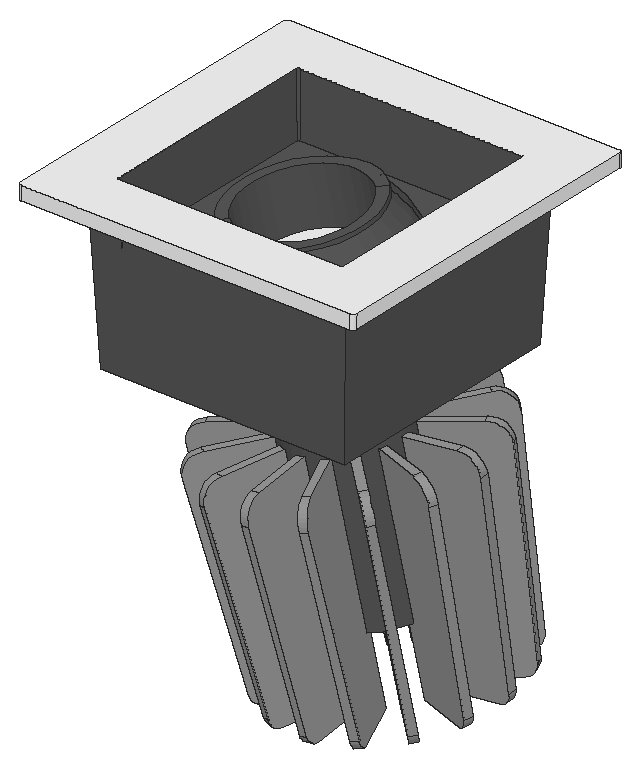
Revit family "2056238 Sylvania Lighting Fixture MYR ADJ SQ BLK 4K PHDIM SIL BEZ", category Lighting Fixtures, host Face, Revit 2016
Family settings
  Host = Face
  Part Type = Normal
  Round Connector Dimension = Use Diameter
  OmniClass Number = 23.80.70.00
  OmniClass Title = Lighting
  Cut with Voids When Loaded = Yes
  Light Source = No
  Shared = No
  Room Calculation Point = No
Parameters (values of type "2056238 MYR ADJ SQ BLK 4K PHDIM SIL BEZ")
  WidthCutOut_SYL = 72 mm
  Width_SYL = 86 mm
  WidthBezel_SYL = 7 mm
  Weight = "0.38 kg"
  Wattage Comments = "n/a"
  WarrantyStartDate [instance] = "n/a"
  WarrantyGuarantorParts = "n/a"
  WarrantyDurationUnit = "n/a"
  WarrantyDurationParts = "n/a"
  WarrantyDescription = "n/a"
  Voltage = 0 V
  VerticalTiltStart_FEILO [instance] = VerticalTilt_FEILO + 90.00°  # 135.00°
  VerticalTilt_FEILO [instance] = 45.00°
  URL = "http://www.sylvania-lighting.com"
  TypeName = "MYR ADJ SQ BLK 4K PHDIM SIL BEZ"
  TypeLamp_SYL = Myriad Adjustable Square Lamp : 2056238 MYR ADJ SQ BLK 4K PHDIM SIL BEZ
  Type Image = <None>
  Type Comments = "n/a"
  SphereRadius_FEILO = 31 mm
  SerialNumber [instance] = "n/a"
  Material_3_SYL = none
  PowerFactor = 0
  PowerConsumption = "10 W"
  NominalLength = 0 mm
  NominalHeight = 115 mm
  NominalDepth = 76 mm
  Name = "MYR ADJ SQ BLK 4K PHDIM SIL BEZ"
  ModelReference = Name  # "MYR ADJ SQ BLK 4K PHDIM SIL BEZ"
  ModelNumber = "2056238"
  Model = Name  # "MYR ADJ SQ BLK 4K PHDIM SIL BEZ"
  Material = "polycarbonate housing"
  ManufacturerName = "Feilo Sylvania"
  Manufacturer = "Feilo Sylvania"
  LuminousEfficacy = "68 lm/W"
  LuminaireType = ""
  LightOutputRatio = "100"
  LampsType = Lamp  # "LED"
  LampNominalLuminous = "684 lm"
  LampMacAdamStep = "n/a"
  LampColourTemperature = "4000 K"
  LampColourRenderingIndex = "85"
  Lamp = "LED"
  Keynote = "16500"
  InstallationDate [instance] = "n/a"
  InputVoltage = "n/a"
  InputNominalFrequency = "n/a"
  IngressProtection = "IP20"
  ImpactProtectionIndex = "IK02"
  IfcExportType = "IfcLightFixtureType"
  IfcExportAs = "IfcLightFixtureType"
  HorizontalTilt_FEILO [instance] = 10.00°
  HeightVoid_SYL = 16 mm
  HeightTop_SYL = 40 mm
  HeightBezel_SYL = 3.5 mm
  ExpectedLife = 50000
  ElectricShockClassification = "Class II"
  DurationUnit = "hours"
  DraftIn_SYL = tan(DraftAngle_SYL) * HeightVoid_SYL  # 0.699 mm
  DraftOut_SYL = tan(DraftAngle_SYL) * HeightTop_SYL  # 1.746 mm
  DraftAngle_SYL = 2.50°
  DocumentationLiterature = "http://www.sylvania-lighting.com/product/en-int/products/2056238"
  DimmingControlOptions = "n/a"
  Material_2_SYL = none
  Description = "MYR ADJ SQ BLK 4K PHDIM SIL BEZ"
  Default Elevation = 1219.2 mm
  CreatedOn = "9/11/2018"
  CreatedBy = "@sylvania-lighting.com"
  Cost = 0
  built-in parameter 1114216 [instance] = (empty or 0)
  ClassificationValue = "EF_70_80"
  ClassificationName = "Uniclass2015"
  Material_1_SYL = Body-Sylvania-MyriadAdjustableRound-Black
  BarCode [instance] = "n/a"
  AssetType = "Fixed"
  AssetIdentifier [instance] = "n/a"
  Assembly Code = "D5020200"
  Apparent Load = 10 VA
  Material_4_SYL = Body-Sylvania-MyriadAdjustableRound-Silver
Reference planes
  plane 1 "Center (Front/Back)": y = 0
  plane 2: z = 0
  plane 3 "Center (Left/Right)": x = 0
  plane 4: z = 3.5
  plane 5: z = -12.5
  plane 6: z = -24.5
  plane 7: x = -36
  plane 8: x = 36
  plane 9: x = -43
  plane 10: x = 43
  plane 11: x = -33
  plane 12: x = -31.254
  plane 13: x = 33
  plane 14: x = 31.254
  plane 15: y = 43
  plane 16: y = -43
  plane 17: y = 36
  plane 18: y = -36
  plane 19: y = -33
  plane 20: y = 33
  plane 21: y = 31.254
  plane 22: y = -31.254
  plane 23: z = -40
  plane 24: z = -130
  plane 25: y = 29
  plane 26: x = -29
  plane 27: x = 29
  plane 28: y = -29
  plane 29: x = -28.301
  plane 30: y = 28.301
  plane 31: x = 28.301
  plane 32: y = -28.301
  plane 33: x = -42.5
  plane 34: z = 3
Forms (mm)
  Revolve 1, solid, not visible
    sketch origin (0, 0, 0) x (1, 0, 0) y (0, 0, 1)
      loop
        line (0, -24.5) -> (2.4, -24.5) -> (2.4, -12.5) -> (0, -12.5) -> (0, -24.5)
      axis (0, -12.5) -> (0, -24.5)
    angle from 135 <- "VerticalTiltStart_FEILO" to 45 <- "VerticalTilt_FEILO"
  Extrusion 2, void
    sketch origin (0, 0, 0) x (1, 0, 0) y (0, 1, 0)
      loop
        line (-36, 36) -> (-36, -36) -> (36, -36) -> (36, 36) -> (-36, 36)
    from 0 to -130
  Extrusion 3, solid, material "Body-Sylvania-MyriadAdjustableRound-Black" <- "Material_1_SYL"
    sketch origin (0, 0, 0) x (1, 0, 0) y (0, 1, 0)
      loop
        arc (-42, 43) -> (-42.707, 42.707) -> (-43, 42) r 1
        line (-43, 42) -> (-43, -42)
        arc (-43, -42) -> (-42.707, -42.707) -> (-42, -43) r 1
        line (-42, -43) -> (42, -43)
        arc (42, -43) -> (42.707, -42.707) -> (43, -42) r 1
        line (43, -42) -> (43, 42)
        arc (43, 42) -> (42.707, 42.707) -> (42, 43) r 1
        line (42, 43) -> (-42, 43)
    from 0 to 3.5
  Blend 4, solid, material "Body-Sylvania-MyriadAdjustableRound-Black" <- "Material_1_SYL"
    base sketch origin (0, 0, 0) x (1, 0, 0) y (0, 1, 0)
      loop
        line (-33, 33) -> (-33, -33) -> (33, -33) -> (33, 33) -> (-33, 33)
    top sketch origin (0, 0, 0) x (1, 0, 0) y (0, 1, 0)
      loop
        line (-31.254, 31.254) -> (-31.254, -31.254) -> (31.254, -31.254) -> (31.254, 31.254) -> (-31.254, 31.254)
    from 0 to -40
  Blend 5, void
    base sketch origin (1223.4, -4572, 3.5) x (-1, 0, 0) y (0, -1, 0)
      loop
        arc (1251.727, -4601) -> (1252.203, -4600.803) -> (1252.4, -4600.327) r 0.673
        line (1252.4, -4600.327) -> (1252.4, -4543.673)
        arc (1252.4, -4543.673) -> (1252.203, -4543.197) -> (1251.727, -4543) r 0.673
        line (1251.727, -4543) -> (1195.073, -4543)
        arc (1195.073, -4543) -> (1194.597, -4543.197) -> (1194.4, -4543.673) r 0.673
        line (1194.4, -4543.673) -> (1194.4, -4600.327)
        arc (1194.4, -4600.327) -> (1194.597, -4600.803) -> (1195.073, -4601) r 0.673
        line (1195.073, -4601) -> (1251.727, -4601)
    top sketch origin (1223.4, -4572, 3.5) x (-1, 0, 0) y (0, -1, 0)
      loop
        arc (1251.201, -4600.301) -> (1251.555, -4600.155) -> (1251.701, -4599.801) r 0.5
        line (1251.701, -4599.801) -> (1251.701, -4544.199)
        arc (1251.701, -4544.199) -> (1251.555, -4543.845) -> (1251.201, -4543.699) r 0.5
        line (1251.201, -4543.699) -> (1195.638, -4543.699)
        arc (1195.638, -4543.699) -> (1195.257, -4543.857) -> (1195.099, -4544.238) r 0.539
        line (1195.099, -4544.238) -> (1195.099, -4599.801)
        arc (1195.099, -4599.801) -> (1195.245, -4600.155) -> (1195.599, -4600.301) r 0.5
        line (1195.599, -4600.301) -> (1251.201, -4600.301)
    from 0 to -16
  Revolve 6, void
    sketch origin (0, 0, 0) x (1, 0, 0) y (0, 0, 1)
      loop
        arc (0, 5.853) -> (-24.7, -24.5) -> (0, -54.853) r 31
        line (0, -54.853) -> (0, 5.853)
      axis (0, 5.853) -> (0, -54.853)
    angle from 360 to 0
Cuts and joins
  Blend 5 cuts Extrusion 3
  Blend 5, Revolve 6 cuts Blend 4
  joined: Extrusion 3, Blend 4
Lines and regions (mm)
  reference lines
    curve 1: circle (6.3, 0, -24.5) r 31 normal (0, -1, 0)
Dimensions and locks
  "HeightBezel_SYL": plane 4 to plane 2
  locked: plane 5 to plane 6 at 12
  equal spacing: plane 9, plane 3 "Center (Left/Right)", plane 10
  equal spacing: plane 16, plane 1 "Center (Front/Back)", plane 15
  "Width_SYL": plane 16 to plane 15
  "Width_SYL": plane 9 to plane 10
  equal spacing: plane 7, plane 3 "Center (Left/Right)", plane 8
  "WidthCutOut_SYL": plane 7 to plane 8
  equal spacing: plane 18, plane 1 "Center (Front/Back)", plane 17
  "WidthCutOut_SYL": plane 18 to plane 17
  equal spacing: plane 11, plane 3 "Center (Left/Right)", plane 13
  equal spacing: plane 19, plane 1 "Center (Front/Back)", plane 20
  locked: plane 18 to plane 19 at 3
  locked: plane 7 to plane 11 at 3
  equal spacing: plane 12, plane 3 "Center (Left/Right)", plane 14
  "DraftOut_SYL": plane 11 to plane 12
  equal spacing: plane 22, plane 1 "Center (Front/Back)", plane 21
  "DraftOut_SYL": plane 19 to plane 22
  "HeightTop_SYL": plane 2 to plane 23
  locked: plane 2 to plane 24 at 130
  equal spacing: plane 26, plane 3 "Center (Left/Right)", plane 27
  equal spacing: plane 28, plane 1 "Center (Front/Back)", plane 25
  "WidthBezel_SYL": plane 25 to plane 17
  "WidthBezel_SYL": plane 7 to plane 26
  equal spacing: plane 29, plane 3 "Center (Left/Right)", plane 31
  "DraftIn_SYL": plane 26 to plane 29
  equal spacing: plane 32, plane 1 "Center (Front/Back)", plane 30
  "DraftIn_SYL": plane 28 to plane 32
  "HeightVoid_SYL": plane 4 to plane 5
  locked: plane 33 to plane 9 at 0.5
  locked: plane 4 to plane 34 at 0.5
  curve 1 to plane 3 "Center (Left/Right)" = 6.3 mm
  "SphereRadius_FEILO": radius of curve 1
  aligned and locked: plane 2 to host face
  aligned and locked: level to host face
  aligned and locked: plane 6 to Revolve 1 sketch curve
  aligned and locked: Revolve 1 sketch curve to plane 3 "Center (Left/Right)"  (x2)
  aligned and locked: Revolve 1 sketch curve to plane 5
  aligned and locked: plane 17 to Extrusion 2 sketch curve
  aligned and locked: Extrusion 2 sketch curve to plane 18
  aligned and locked: Extrusion 2 sketch curve to plane 8
  aligned and locked: plane 7 to Extrusion 2 sketch curve
  aligned and locked: plane 24 to Extrusion 2
  aligned and locked: level to Extrusion 2
  aligned and locked: plane 15 to Extrusion 3 sketch curve
  aligned and locked: plane 9 to Extrusion 3 sketch curve
  aligned and locked: Extrusion 3 sketch curve to plane 16
  aligned and locked: Extrusion 3 sketch curve to plane 10
  aligned and locked: Extrusion 3 to plane 4
  aligned and locked: Extrusion 3 to level
  aligned and locked: plane 20 to Blend 4 sketch curve
  aligned and locked: Blend 4 sketch curve to plane 19
  aligned and locked: Blend 4 sketch curve to plane 13
  aligned and locked: plane 11 to Blend 4 sketch curve
  aligned and locked: plane 21 to Blend 4 sketch curve
  aligned and locked: plane 12 to Blend 4 sketch curve
  aligned and locked: Blend 4 sketch curve to plane 22
  aligned and locked: Blend 4 sketch curve to plane 14
  aligned and locked: plane 23 to Blend 4
  aligned and locked: level to Blend 4
  aligned and locked: nested 1 to plane 6
  aligned and locked: plane 25 to Blend 5 sketch curve
  aligned and locked: plane 26 to Blend 5 sketch curve
  aligned and locked: Blend 5 sketch curve to plane 28
  aligned and locked: Blend 5 sketch curve to plane 27
  aligned and locked: plane 30 to Blend 5 sketch curve
  aligned and locked: plane 29 to Blend 5 sketch curve
  aligned and locked: Blend 5 sketch curve to plane 32
  aligned and locked: Blend 5 sketch curve to plane 31
  aligned and locked: plane 5 to Blend 5
  aligned and locked: Blend 5 to plane 4
  aligned and locked: plane 6 to curve 1
  aligned and locked: Revolve 6 sketch curve to plane 3 "Center (Left/Right)"
Automatic sketch dimensions
  host sketch curve to host sketch curve = 2438.4 mm  (x2)
  Revolve 1 sketch curve to plane 4 = 2605.558 mm
  plane 3 "Center (Left/Right)" to Revolve 1 sketch curve = 2.4 mm
  plane 6 to Revolve 1 sketch curve = 577.6 mm
  plane 9 to Extrusion 3 sketch curve = 1 mm
  Extrusion 3 sketch curve to Extrusion 3 sketch curve = 1 mm
  Extrusion 3 sketch curve to plane 10 = 1 mm  (x2)
  plane 31 to Blend 5 sketch curve = 0.026 mm  (x2)
  Blend 5 sketch curve to plane 29 = 0.026 mm  (x2)
  Blend 5 sketch curve to Blend 5 sketch curve = 0.5 mm
  Blend 5 sketch curve to Blend 5 sketch curve = 0.539 mm
  plane 29 to Blend 5 sketch curve = 0.5 mm  (x2)
  plane 24 to Revolve 6 sketch curve = 479.6 mm
  Revolve 6 sketch curve to plane 4 = 2605.558 mm
  Revolve 6 sketch curve to plane 3 "Center (Left/Right)" = 0 mm
  Revolve 6 sketch curve to plane 6 = 0 mm
  plane 3 "Center (Left/Right)" to Revolve 6 sketch curve = 6.3 mm
  Revolve 6 sketch curve to plane 4 = 2.353 mm
Nested families
  nested 1: "Myriad Adjustable Square Rotation Feature" at (-0.473, 0.473, -24.5) x (-0.7071, 0.7071, 0) z (-0.7071, -0.7071, 0), HorizontalAxis <- "HorizontalTilt_FEILO", type "Myriad Adjustable Square Rotation Feature"
    with HorizontalAxis 10.00°, EndAngle 100.00°
  nested 2: "Myriad Adjustable Square Lamp" at (0, 0, -24.5) x (0.6964, 0.6964, 0.1736) z (0.1228, 0.1228, -0.9848), type <- "TypeLamp_SYL", type "2056238 MYR ADJ SQ BLK 4K PHDIM SIL BEZ"
Connectors
  electrical at (0, 0, 0), driven by "Apparent Load", driven by "PowerFactor", driven by "Voltage"
    settings: index 1, voltage 0 V, apparent load 10 VA, apparent load phase1 0 VA, apparent load phase2 0 VA, apparent load phase3 0 VA, power factor 0, load classification "Lighting", number of poles 1, system type 30, power factor state 1, is connector primary yes, connector utility no, sub classification motor no, connector description ""
Definition of nested family "Myriad Adjustable Square Rotation Feature"
  Parameters (values of type "Myriad Adjustable Square Rotation Feature")
    URL = "http://www.sylvania-lighting.com"
    Type Comments = "n/a"
    Model = "n/a"
    Manufacturer = "Feilo Sylvania"
    Keynote = "n/a"
    HorizontalAxis [instance] = 0.00°
    EndAngle [instance] = HorizontalAxis + 90.00°  # 90.00°
    Description = "n/a"
    Default Elevation = 1219.2 mm
    Cost = 0
    Assembly Code = "n/a"
  Reference planes
    plane 1 "Center (Front/Back)": y = 0
    plane 2: z = 0
    plane 3 "Center (Left/Right)": x = 0
    plane 4: z = 10
    plane 5: x = -10
    plane 6: x = 10
  Forms (mm)
    Extrusion 1, solid
      sketch origin (-0.8, 0, 0) x (1, 0, 0) y (0, 1, 0)
        loop
          line (-1219.2, 1219.2) -> (-1219.2, -1219.2) -> (1219.2, -1219.2) -> (1219.2, 1219.2) -> (-1219.2, 1219.2)
      from 0 to -304.8
    Revolve 2, solid
      sketch origin (0, 0, 0) x (1, 0, 0) y (0, 0, 1)
        loop
          line (-10, 10) -> (-10, 0) -> (10, 0) -> (10, 10) -> (-10, 10)
        axis (-10, 0) -> (10, 0)
      angle from 0 <- "HorizontalAxis" to 90 <- "EndAngle"
  Dimensions and locks
    plane 4 to plane 2 = 10 mm
    aligned and locked: plane 2 to Extrusion 1
    aligned and locked: level to Extrusion 1
    aligned and locked: Revolve 2 sketch curve to plane 4
    aligned and locked: plane 5 to Revolve 2 sketch curve
    aligned and locked: Extrusion 1 to Revolve 2 sketch curve
    aligned and locked: Revolve 2 sketch curve to plane 2
    aligned and locked: Revolve 2 sketch curve to plane 6
Definition of nested family "Myriad Adjustable Square Lamp"
  Parameters (values of type "2058044 MYSQ AD BLK 2.7K DALI SIL BZ")
    Wattage = 10 W
    built-in parameter 1150110 = 1 (stored number, unit not read)
    URL = "http://www.sylvania-lighting.com"
    Type Comments = "n/a"
    built-in parameter 1114217 = 1 (stored number, unit not read)
    Tilt Angle = 90.00°
    built-in parameter 1150109 = 1 (stored number, unit not read)
    built-in parameter 1150134 = (empty or 0)
    built-in parameter 1150113 = 1 (stored number, unit not read)
    SphereRadius_SYL = 31 mm
    RimHeight_SYL = 1 mm
    Material_3_SYL = none
    Photometric Web File = "2058044.ies"
    Model = "MYSQ AD BLK 2.7K DALI SIL BZ"
    Manufacturer = "Feilo Sylvania"
    built-in parameter 1150105 = 54.113 (stored number, unit not read)
    Lumens = 680 lm
    built-in parameter 1150115 = 1 (stored number, unit not read)
    built-in parameter 1150137 = (empty or 0)
    built-in parameter 1150139 = (empty or 0)
    built-in parameter 1150112 = 1 (stored number, unit not read)
    built-in parameter 1150114 = 1 (stored number, unit not read)
    Lamp = "LED"
    Keynote = "16500"
    built-in parameter 1150132 = (empty or 0)
    built-in parameter 1150102 = (empty or 0)
    built-in parameter 1150107 = 2700 (stored number, unit not read)
    built-in parameter 1150138 = (empty or 0)
    built-in parameter 1150106 = 0.54113 (stored number, unit not read)
    Emit from Circle Diameter = 30 mm
    Emit Shape Visible in Rendering = no
    built-in parameter 1150104 = 6.3174 (stored number, unit not read)
    Dimming Lamp Color Temperature Shift = (empty or 0)
    Material_2_SYL = none
    Description = "Myriad Adjustable Square 2700K DALI black interior with silver bezel"
    Default Elevation = 1219.2 mm
    Cost = 0
    Color Filter = 16777215
    Material_1_SYL = none
    built-in parameter 1114218 = 1 (stored number, unit not read)
    built-in parameter 1150133 = 10 (stored number, unit not read)
    Assembly Code = "D5020200"
    Material_4_SYL = none
    Apparent Load = 10 VA
  Types (24, lengths in mm): name | built-in parameter 1150134 | Photometric Web File | Model | built-in parameter 1150105 | Lumens | built-in parameter 1150107 | built-in parameter 1150106 | built-in parameter 1150104 | Description
    2058044 MYSQ AD BLK 2.7K DALI SIL BZ | (empty or 0) | "2058044.ies" | "MYSQ AD BLK 2.7K DALI SIL BZ" | 54.113 (stored number, unit not read) | 680 lm | 2700 (stored number, unit not read) | 0.54113 (stored number, unit not read) | 6.3174 (stored number, unit not read) | "Myriad Adjustable Square 2700K DALI black interior with silver bezel"
    2058043 MYSQ AD BLK 2.7K PHDIM SIL BZ | (empty or 0) | "2058043.ies" | "MYSQ AD BLK 2.7K PHDIM SIL BZ" | 54.113 (stored number, unit not read) | 680 lm | 2700 (stored number, unit not read) | 0.54113 (stored number, unit not read) | 6.3174 (stored number, unit not read) | "Myriad Adjustable Square 2700K Phase dimmable black interior with silver bezel"
    2058042 MYSQ AD BLK 2.7K DALI WHT BZ | (empty or 0) | "2058042.ies" | "MYSQ AD BLK 2.7K DALI WHT BZ" | 54.113 (stored number, unit not read) | 680 lm | 2700 (stored number, unit not read) | 0.54113 (stored number, unit not read) | 6.3174 (stored number, unit not read) | "Myriad Adjustable Square 2700K DALI black interior with white bezel"
    2058041 MYSQ AD BLK 2.7K PHDIM WHT BZ | (empty or 0) | "2058041.ies" | "MYSQ AD BLK 2.7K PHDIM WHT BZ" | 45.359 (stored number, unit not read) | 570 lm | 2700 (stored number, unit not read) | 0.45359 (stored number, unit not read) | 5.2955 (stored number, unit not read) | "Myriad Adjustable Square 2700K Phase dimmable black interior with white bezel"
    2058040 MYSQ AD WHT 2.7K DALI SIL BZ | (empty or 0) | "2058040.ies" | "MYSQ AD WHT 2.7K DALI SIL BZ" | 45.359 (stored number, unit not read) | 570 lm | 2700 (stored number, unit not read) | 0.45359 (stored number, unit not read) | 5.2955 (stored number, unit not read) | "Myriad Adjustable Square 2700K DALI White interior with silver bezel."
    2058039 MYSQ AD WHT 2.7K PHDIM SIL BZ | (empty or 0) | "2058039.ies" | "MYSQ AD WHT 2.7K PHDIM SIL BZ" | 54.113 (stored number, unit not read) | 680 lm | 2700 (stored number, unit not read) | 0.54113 (stored number, unit not read) | 6.3174 (stored number, unit not read) | "MYSQ AD WHT 2.7K PHDIM SIL BZ"
    2058038 MYSQ AD WHT 2.7K DALI WHT BZ | (empty or 0) | "2058038.ies" | "MYSQ AD WHT 2.7K DALI WHT BZ" | 54.113 (stored number, unit not read) | 680 lm | 2700 (stored number, unit not read) | 0.54113 (stored number, unit not read) | 6.3174 (stored number, unit not read) | "MYSQ AD WHT 2.7K DALI WHT BZ"
    2058037 MYSQ AD WHT 2.7K PHDIM WHT BZ | (empty or 0) | "2058037.ies" | "MYSQ AD WHT 2.7K PHDIM WHT BZ" | 54.113 (stored number, unit not read) | 680 lm | 2700 (stored number, unit not read) | 0.54113 (stored number, unit not read) | 6.3174 (stored number, unit not read) | "Myriad Adjustable SQ White 2,7K Phase dim White Bezel"
    2056239 MYD ADJ SQ BLK 4K DALI SIL BEZ | 12 | "2056239.ies" | "MYD ADJ SQ BLK 4K DALI SIL BEZ" | 54.113 (stored number, unit not read) | 680 lm | 4000 (stored number, unit not read) | 0.54113 (stored number, unit not read) | 6.3174 (stored number, unit not read) | "MYD ADJ SQ BLK 4K DALI SIL BEZ"
    2056238 MYR ADJ SQ BLK 4K PHDIM SIL BEZ | 12 | "2056238.ies" | "MYR ADJ SQ BLK 4K PHDIM SIL BEZ" | 54.113 (stored number, unit not read) | 680 lm | 4000 (stored number, unit not read) | 0.54113 (stored number, unit not read) | 6.3174 (stored number, unit not read) | "MYR ADJ SQ BLK 4K PHDIM SIL BEZ"
    2056237 MYD ADJ SQ BLK 4K DALI WHT BEZ | 12 | "2056237.ies" | "MYD ADJ SQ BLK 4K DALI WHT BEZ" | 54.113 (stored number, unit not read) | 680 lm | 4000 (stored number, unit not read) | 0.54113 (stored number, unit not read) | 6.3174 (stored number, unit not read) | "MYD ADJ SQ BLK 4K DALI WHT BEZ"
    2056236 MYD ADJ SQ BLK 4K PHDIM WHT BEZ | 12 | "2056236.ies" | "MYD ADJ SQ BLK 4K PHDIM WHT BEZ" | 54.113 (stored number, unit not read) | 680 lm | 4000 (stored number, unit not read) | 0.54113 (stored number, unit not read) | 6.3174 (stored number, unit not read) | "MYD ADJ SQ BLK 4K PHDIM WHT BEZ"
    2056235 MYD ADJ SQ BLK 3K DALI SIL BEZ | (empty or 0) | "2056235.ies" | "MYD ADJ SQ BLK 3K DALI SIL BEZ" | 55.704 (stored number, unit not read) | 700 lm | 3000 (stored number, unit not read) | 0.55704 (stored number, unit not read) | 6.5032 (stored number, unit not read) | "MYD ADJ SQ BLK 3K DALI SIL BEZ"
    2056234 MYD ADJ SQ BLK 3K PHDIM SILBEZ | (empty or 0) | "2056234.ies" | "MYD ADJ SQ BLK 3K PHDIM SILBEZ" | 55.704 (stored number, unit not read) | 700 lm | 3000 (stored number, unit not read) | 0.55704 (stored number, unit not read) | 6.5032 (stored number, unit not read) | "MYD ADJ SQ BLK 3K PHDIM SILBEZ"
    2056233 MYD ADJ SQ BLK 3K DALI WHT BEZ | (empty or 0) | "2056233.ies" | "MYD ADJ SQ BLK 3K DALI WHT BEZ" | 55.704 (stored number, unit not read) | 700 lm | 3000 (stored number, unit not read) | 0.55704 (stored number, unit not read) | 6.5032 (stored number, unit not read) | "MYD ADJ SQ BLK 3K DALI WHT BEZ"
    2056232 MYD ADJ SQ BLK 3K PHDIM WHT BEZ | (empty or 0) | "2056232.ies" | "MYD ADJ SQ BLK 3K PHDIM WHT BEZ" | 55.704 (stored number, unit not read) | 700 lm | 3000 (stored number, unit not read) | 0.55704 (stored number, unit not read) | 6.5032 (stored number, unit not read) | "MYD ADJ SQ BLK 3K PHDIM WHT BEZ"
    2056231 MYD ADJ SQ WHT 4K DALI SIL BEZ | 12 | "2056231.ies" | "MYD ADJ SQ WHT 4K DALI SIL BEZ" | 54.113 (stored number, unit not read) | 680 lm | 4000 (stored number, unit not read) | 0.54113 (stored number, unit not read) | 6.3174 (stored number, unit not read) | "MYD ADJ SQ WHT 4K DALI SIL BEZ"
    2056230 MYD ADJ SQ WHT 4K PHDIM SIL BEZ | 12 | "2056230.ies" | "MYD ADJ SQ WHT 4K PHDIM SIL BEZ" | 54.113 (stored number, unit not read) | 680 lm | 4000 (stored number, unit not read) | 0.54113 (stored number, unit not read) | 6.3174 (stored number, unit not read) | "Myriad Adjustable Square 4000K phase dimmable white with silver bezel"
    2056229 MYD ADJ SQ WHT 4K DALI WHT BEZ | 12 | "2056229.ies" | "MYD ADJ SQ WHT 4K DALI WHT BEZ" | 54.113 (stored number, unit not read) | 680 lm | 4000 (stored number, unit not read) | 0.54113 (stored number, unit not read) | 6.3174 (stored number, unit not read) | "MYD ADJ SQ WHT 4K DALI WHT BEZ"
    2056228 MYD ADJ SQ WHT 4K PHDIM WHT BEZ | 12 | "2056228.ies" | "MYD ADJ SQ WHT 4K PHDIM WHT BEZ" | 54.113 (stored number, unit not read) | 680 lm | 4000 (stored number, unit not read) | 0.54113 (stored number, unit not read) | 6.3174 (stored number, unit not read) | "MYD ADJ SQ WHT 4K PHDIM WHT BEZ"
    2056227 MYD ADJ SQ WHT 3K DALI SIL BEZ | (empty or 0) | "2056227.ies" | "MYD ADJ SQ WHT 3K DALI SIL BEZ" | 55.704 (stored number, unit not read) | 700 lm | 3000 (stored number, unit not read) | 0.55704 (stored number, unit not read) | 6.5032 (stored number, unit not read) | "MYD ADJ SQ WHT 3K DALI SIL BEZ"
    2056226 MYD ADJ SQ WHT 3K PHDIM SIL BEZ | (empty or 0) | "2056226.ies" | "MYD ADJ SQ WHT 3K PHDIM SIL BEZ" | 55.704 (stored number, unit not read) | 700 lm | 3000 (stored number, unit not read) | 0.55704 (stored number, unit not read) | 6.5032 (stored number, unit not read) | "MYD ADJ SQ WHT 3K PHDIM SIL BEZ"
    2056225 MYD ADJ SQ WHT 3K DALI WHT BEZ | (empty or 0) | "2056225.ies" | "MYD ADJ SQ WHT 3K DALI WHT BEZ" | 55.704 (stored number, unit not read) | 700 lm | 3000 (stored number, unit not read) | 0.55704 (stored number, unit not read) | 6.5032 (stored number, unit not read) | "MYD ADJ SQ WHT 3K DALI WHT BEZ"
    2056224 MYD ADJ SQ WHT 3K PHDIM WHT BEZ | (empty or 0) | "2056224.ies" | "MYD ADJ SQ WHT 3K PHDIM WHT BEZ" | 55.704 (stored number, unit not read) | 700 lm | 3000 (stored number, unit not read) | 0.55704 (stored number, unit not read) | 6.5032 (stored number, unit not read) | "MYD ADJ SQ WHT 3K PHDIM WHT BEZ"
  Reference planes
    plane 1 "Center (Front/Back)": y = 0
    plane 2: z = 0
    plane 3 "Center (Left/Right)": x = 0
    plane 4: x = -35
    plane 5: x = -12
    plane 6: x = -15
    plane 7: x = -25
    plane 8: x = -17.8
    plane 9: z = -19.5
    plane 10: z = 19.5
    plane 11: z = 30.5
    plane 12: z = 71.5
    plane 13: z = 90.5
    plane 14: z = 0
    plane 15: z = -5.5
    plane 16: x = -30
    plane 17: z = -20.5
  Forms (mm)
    Extrusion 1, solid
      sketch origin (-0.8, 0, 0) x (1, 0, 0) y (0, 1, 0)
        loop
          line (-1219.2, 1219.2) -> (-1219.2, -1219.2) -> (1219.2, -1219.2) -> (1219.2, 1219.2) -> (-1219.2, 1219.2)
      from 0 to -304.8
    Revolve 2, solid, material <- "Material_1_SYL"
      sketch origin (0, 0, 0) x (1, 0, 0) y (0, 0, 1)
        loop
          line (-15, -20.5) -> (-15, -5.5) -> (0, -5.5) -> (0, 30.5) -> (-12, 30.5) -> (-12, 71.5) -> (-15, 71.5) -> (-15, 19.5) -> (-17.8, 19.5)
          arc (-17.8, 19.5) -> (-24.701, 0) -> (-17.8, -19.5) r 31
          line (-17.8, -19.5) -> (-17.8, -20.5) -> (-15, -20.5)
        axis (0, 71.5) -> (0, -20.5)
      angle from 0 to 360
    Revolve 3, solid, material <- "Material_1_SYL", detail levels coarse+medium
      sketch origin (0, 0, 0) x (1, 0, 0) y (0, 0, 1)
        loop
          line (0, 30.5) -> (0, 90.5) -> (-30, 90.5) -> (-35, 30.5) -> (0, 30.5)
        axis (0, 90.5) -> (0, 30.5)
      angle from 0 to 360
  Lines and regions (mm)
    reference lines
      curve 1: line (0, 0, 0) -> (-32.336, 13.394, 0)
      curve 2: circle (0, 0, 0) r 35 normal (0, 0, 1)
      curve 3: line (0, 0, 0) -> (-24.749, 24.749, 0)
      curve 4: line (0, 0, 0) -> (-13.394, 32.336, 0)
      curve 5: line (0, 0, 0) -> (13.394, 32.336, 0)
      curve 6: line (0, 0, 0) -> (24.749, 24.749, 0)
      curve 7: line (0, 0, 0) -> (32.336, 13.394, 0)
      curve 8: line (0, 0, 0) -> (32.336, -13.394, 0)
      curve 9: line (0, 0, 0) -> (24.749, -24.749, 0)
      curve 10: line (0, 0, 0) -> (13.394, -32.336, 0)
      curve 11: line (0, 0, 0) -> (-13.394, -32.336, 0)
      curve 12: line (0, 0, 0) -> (-24.749, -24.749, 0)
      curve 13: line (0, 0, 0) -> (-32.336, -13.394, 0)
  Dimensions and locks
    locked: plane 3 "Center (Left/Right)" to plane 4 at 35
    locked: plane 3 "Center (Left/Right)" to plane 5 at 12
    locked: plane 3 "Center (Left/Right)" to plane 6 at 15
    locked: plane 3 "Center (Left/Right)" to plane 7 at 25
    locked: plane 3 "Center (Left/Right)" to plane 8 at 17.8
    equal spacing: plane 10, plane 14, plane 9
    locked: plane 3 "Center (Left/Right)" to plane 16 at 30
    "RimHeight_SYL": plane 9 to plane 17
    locked: plane 15 to plane 17 at 15
    locked: plane 10 to plane 17 at 40
    locked: plane 11 to plane 17 at 51
    locked: plane 12 to plane 17 at 92
    locked: plane 13 to plane 17 at 111
    radius of curve 2 = 35 mm
    "SphereRadius_SYL": radius of Revolve 2 sketch curve
    angle curve 3 to plane 1 "Center (Front/Back)" = 45.00°
    angle curve 4 to plane 1 "Center (Front/Back)" = 67.50°
    angle plane 1 "Center (Front/Back)" to curve 5 = 67.50°
    angle plane 1 "Center (Front/Back)" to curve 6 = 45.00°
    angle plane 1 "Center (Front/Back)" to curve 7 = 22.50°
    angle curve 8 to plane 1 "Center (Front/Back)" = 22.50°
    angle curve 9 to plane 1 "Center (Front/Back)" = 45.00°
    angle curve 10 to plane 1 "Center (Front/Back)" = 67.50°
    angle curve 11 to plane 3 "Center (Left/Right)" = 22.50°
    angle curve 12 to plane 3 "Center (Left/Right)" = 45.00°
    angle curve 13 to plane 3 "Center (Left/Right)" = 67.50°
    aligned and locked: plane 2 to Extrusion 1
    aligned and locked: level to Extrusion 1
    aligned and locked: Revolve 2 sketch curve to plane 3 "Center (Left/Right)"  (x2)
    aligned and locked: plane 8 to Revolve 2 sketch curve  (x2)
    aligned and locked: plane 10 to Revolve 2 sketch curve
    aligned and locked: plane 6 to Revolve 2 sketch curve  (x2)
    aligned and locked: plane 12 to Revolve 2 sketch curve
    aligned and locked: Revolve 2 sketch curve to plane 5
    aligned and locked: plane 3 "Center (Left/Right)" to Revolve 2 sketch curve
    aligned and locked: plane 11 to Revolve 2 sketch curve
    aligned and locked: plane 3 "Center (Left/Right)" to curve 1
    aligned and locked: plane 3 "Center (Left/Right)" to curve 2
    aligned and locked: Revolve 3 sketch curve to plane 3 "Center (Left/Right)"
    aligned and locked: plane 13 to Revolve 3 sketch curve
    aligned and locked: plane 14 to level
    aligned and locked: plane 17 to Revolve 2 sketch curve
    aligned and locked: plane 15 to Revolve 2 sketch curve
    aligned and locked: imposter light to plane 1 "Center (Front/Back)"
    aligned and locked: plane 3 "Center (Left/Right)" to imposter light
    aligned and locked: plane 1 "Center (Front/Back)" to nested 1
    aligned and locked: plane 3 "Center (Left/Right)" to nested 1
    aligned and locked: imposter light to plane 15
  Automatic sketch dimensions
    Extrusion 1 sketch curve to Extrusion 1 sketch curve = 2438.4 mm  (x2)
    plane 1 "Center (Front/Back)" to curve 2 = 0 mm
    plane 1 "Center (Front/Back)" to curve 11 = 0 mm
    curve 1 to plane 16 = 2.336 mm
    Revolve 3 sketch curve to level = 609.6 mm
    Revolve 3 sketch curve to Revolve 3 sketch curve = 2498.058 mm
    Revolve 3 sketch curve to plane 4 = 0 mm
    Revolve 3 sketch curve to plane 16 = 0 mm
    Revolve 3 sketch curve to plane 3 "Center (Left/Right)" = 0 mm
    Revolve 3 sketch curve to plane 11 = 0 mm
    Revolve 2 sketch curve to level = 0 mm
    Revolve 2 sketch curve to plane 17 = 588.1 mm
    Revolve 2 sketch curve to plane 13 = 2498.058 mm
  Nested families
    nested 1: "Myriad Rib" at (0, 0, -20.5), type "Myriad Rib", detail levels fine
    nested 2: "Myriad Rib" at (0, 0, -20.5) x (0.9239, -0.3827, 0) z (0, 0, 1), type "Myriad Rib", detail levels fine
    nested 3: "Myriad Rib" at (0, 0, -20.5) x (0.7071, -0.7071, 0) z (0, 0, 1), type "Myriad Rib", detail levels fine
    nested 4: "Myriad Rib" at (0, 0, -20.5) x (0.3827, -0.9239, 0) z (0, 0, 1), type "Myriad Rib", detail levels fine
    nested 5: "Myriad Rib" at (0, 0, -20.5) x (0, -1, 0) z (0, 0, 1), type "Myriad Rib", detail levels fine
    nested 6: "Myriad Rib" at (0, 0, -20.5) x (-0.3827, -0.9239, 0) z (0, 0, 1), type "Myriad Rib", detail levels fine
    nested 7: "Myriad Rib" at (0, 0, -20.5) x (-0.7071, -0.7071, 0) z (0, 0, 1), type "Myriad Rib", detail levels fine
    nested 8: "Myriad Rib" at (0, 0, -20.5) x (-0.9239, -0.3827, 0) z (0, 0, 1), type "Myriad Rib", detail levels fine
    nested 9: "Myriad Rib" at (0, 0, -20.5) x (-1, 0, 0) z (0, 0, 1), type "Myriad Rib", detail levels fine
    nested 10: "Myriad Rib" at (0, 0, -20.5) x (-0.9239, 0.3827, 0) z (0, 0, 1), type "Myriad Rib", detail levels fine
    nested 11: "Myriad Rib" at (0, 0, -20.5) x (-0.7071, 0.7071, 0) z (0, 0, 1), type "Myriad Rib", detail levels fine
    nested 12: "Myriad Rib" at (0, 0, -20.5) x (-0.3827, 0.9239, 0) z (0, 0, 1), type "Myriad Rib", detail levels fine
    nested 13: "Myriad Rib" at (0, 0, -20.5) x (0, 1, 0) z (0, 0, 1), type "Myriad Rib", detail levels fine
    nested 14: "Myriad Rib" at (0, 0, -20.5) x (0.3827, 0.9239, 0) z (0, 0, 1), type "Myriad Rib", detail levels fine
    nested 15: "Myriad Rib" at (0, 0, -20.5) x (0.7071, 0.7071, 0) z (0, 0, 1), type "Myriad Rib", detail levels fine
    nested 16: "Myriad Rib" at (0, 0, -20.5) x (0.9239, 0.3827, 0) z (0, 0, 1), type "Myriad Rib", detail levels fine
  Definition of nested family "Myriad Rib"
    Parameters (values of type "Myriad Rib")
      URL = "http://www.feilosylvania.com"
      Type Comments = "n/a"
      Material_3_SYL = none
      Model = "n/a"
      Manufacturer = "Feilo Sylvania"
      Keynote = "n/a"
      Material_2_SYL = none
      Description = "n/a"
      Default Elevation = 1219.2 mm
      Cost = 0
      Material_1_SYL = none
      Assembly Code = "n/a"
      Material_4_SYL = none
    Reference planes
      plane 1 "Center (Front/Back)": y = 0
      plane 2: z = 0
      plane 3 "Center (Left/Right)": x = 0
      plane 4: x = -35
      plane 5: x = -30
      plane 6: x = -13
      plane 7: z = 51
      plane 8: z = 111
      plane 9: y = 1
      plane 10: y = -1
    Forms (mm)
      Extrusion 1, solid
        sketch origin (-0.8, 0, 0) x (1, 0, 0) y (0, 1, 0)
          loop
            line (-1219.2, 1219.2) -> (-1219.2, -1219.2) -> (1219.2, -1219.2) -> (1219.2, 1219.2) -> (-1219.2, 1219.2)
        from 0 to -304.8
      Extrusion 2, solid, material <- "Material_1_SYL"
        sketch origin (0, 0, 0) x (1, 0, 0) y (0, 0, 1)
          loop
            line (-13, 111) -> (-27.182, 111)
            arc (-27.182, 111) -> (-29.214, 110.208) -> (-30.172, 108.249) r 3
            line (-30.172, 108.249) -> (-34.491, 56.415)
            arc (-34.491, 56.415) -> (-33.188, 52.614) -> (-29.509, 51) r 5
            line (-29.509, 51) -> (-13, 51) -> (-13, 111)
        from -1 to 1
    Dimensions and locks
      locked: plane 7 to plane 2 at 51
      locked: plane 8 to plane 2 at 111
      locked: plane 3 "Center (Left/Right)" to plane 6 at 13
      locked: plane 3 "Center (Left/Right)" to plane 5 at 30
      locked: plane 3 "Center (Left/Right)" to plane 4 at 35
      equal spacing: plane 10, plane 1 "Center (Front/Back)", plane 9, locked at 1 each
      locked: plane 10 to plane 9 at 2
      aligned and locked: plane 2 to Extrusion 1
      aligned and locked: level to Extrusion 1
      aligned and locked: plane 8 to Extrusion 2 sketch curve  (x2)
      aligned and locked: Extrusion 2 sketch curve to plane 6
      aligned and locked: Extrusion 2 sketch curve to plane 7
      aligned and locked: Extrusion 2 to plane 9
      aligned and locked: plane 10 to Extrusion 2
    Automatic sketch dimensions
      Extrusion 1 sketch curve to Extrusion 1 sketch curve = 2438.4 mm  (x2)
      Extrusion 2 sketch curve to plane 6 = 0 mm
      plane 5 to Extrusion 2 sketch curve = 2.818 mm
      plane 5 to Extrusion 2 sketch curve = 0.491 mm
      Extrusion 2 sketch curve to plane 5 = 0.172 mm
      plane 4 to Extrusion 2 sketch curve = 0.509 mm
      Extrusion 2 sketch curve to Extrusion 2 sketch curve = 5 mm
      Extrusion 2 sketch curve to Extrusion 2 sketch curve = 3 mm
